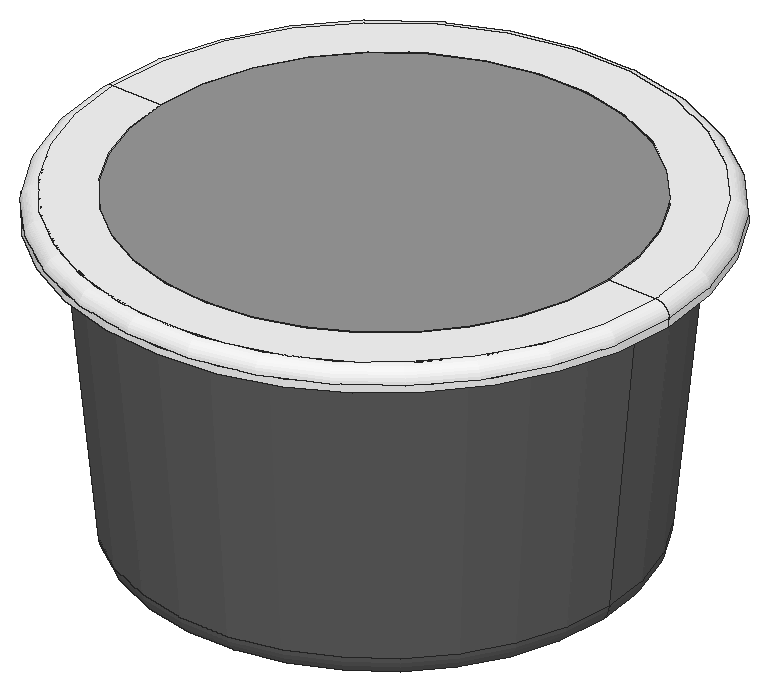
Revit family "3098122 Lighting Fixture_Sylvania_Insaver LED II 150 High_Ceiling Recessed", category Lighting Fixtures, host Face, Revit 2017
Family settings
  Host = Face
  Round Connector Dimension = Use Diameter
  Part Type = Normal
  OmniClass Number = 23.80.70.11.17
  OmniClass Title = Specialized Lighting by Location or Use
  Cut with Voids When Loaded = No
  Light Source = Yes
  Shared = No
  Room Calculation Point = No
Parameters (values of type "Insaver LED II 150 High Output WW EB E3")
  Ta Rating = "0°C to 55°C"  # constant formula
  Reflector Radius = Body Radius - 2.0 mm  # 73.0 mm
  Reflector Material = Metal_Sylvania_Insaver LED II_Polished
  Radius = Diameter / 2  # 84.5 mm
  LOR = "100%"  # constant formula
  IP Rating = "IP23 (44 with accessory)"  # constant formula
  Height = 87.0 mm
  Glare Control = "UGR <19 (using accessory)"  # constant formula
  Energy Class = "A++,A+,A"  # constant formula
  Weight = 0 kg
  Wattage = 1.18557 W
  built-in parameter 1150110 = 1 (stored number, unit not read)
  Voltage Comments = "UNV (Universal Voltage; 220-240 Volt)"  # constant formula
  Voltage = 230 V  # constant formula
  URL = "http://www.sylvania-lighting.com"
  built-in parameter 1114217 = 1 (stored number, unit not read)
  Tilt Angle = -90°
  built-in parameter 1150109 = 1 (stored number, unit not read)
  built-in parameter 1150134 = (empty or 0)
  built-in parameter 1150113 = 1 (stored number, unit not read)
  Product Page URL = "http://www.sylvania-lighting.com/product/en-int/products/3098122"
  Product Family = "INSAVER LED II 150"  # constant formula
  Photometry Comments = ""
  Photometric Web File = "3098122_InsaverLEDII150HighOutputWWEBE3-200648.ies"
  Life = "50 000 h"  # constant formula
  Emit from Circle Diameter = Diffuser Diameter  # 133.0 mm
  Emit Shape Visible in Rendering = no
  Drive Current = "900mA"  # constant formula
  Distribution type = "Direct - symmetrical"  # constant formula
  Diffuser Material = Glass_Sylvania_Insaver LED II_3000K
  Diffuser Diameter = Diameter - 36.0 mm  # 133.0 mm
  Diameter = 169.0 mm
  Cutout Diameter = Diameter - 19.0 mm  # 150.0 mm
  Colour consistency (SDCM) = "3 step"  # constant formula
  built-in parameter 1114216 [instance] = 1 (stored number, unit not read)
  Model = "Insaver LED II 150 High Output WW EB E3"
  Manufacturer = "Feilo Sylvania"
  built-in parameter 1150105 = 9.1514 (stored number, unit not read)
  Lumens = 115 lm
  built-in parameter 1150115 = 1 (stored number, unit not read)
  built-in parameter 1150137 = (empty or 0)
  built-in parameter 1150139 = (empty or 0)
  built-in parameter 1150112 = 1 (stored number, unit not read)
  built-in parameter 1150114 = 1 (stored number, unit not read)
  Lamp Comments = "Integrated LED"  # constant formula
  Lamp = ""
  built-in parameter 1150132 = 2
  built-in parameter 1150102 = (empty or 0)
  built-in parameter 1150107 = 3000 (stored number, unit not read)
  built-in parameter 1150138 = (empty or 0)
  built-in parameter 1150106 = 0.091514 (stored number, unit not read)
  CRI ( Ra ) = 80  # constant formula
  Body Material = Plastic_Sylvania_Insaver LED II_Black
  built-in parameter 1150104 = 9.0116 (stored number, unit not read)
  Dimming Lamp Color Temperature Shift = <None>
  Description = "Circular LED downlight with up to 114lm/W efficacy and 2,400 luminaire lumen output. Innovative easy installation system allows for a rapid, single point installation. For 150mm cut outs. IP44 or UGR<19 compliant with additional accessories. 3 hour emergency and surface mounted versions available. Plus3 version includes Wieland GST connector."  # constant formula
  Default Elevation = 0.0 mm
  Color Filter = 16777215
  Catalog Number = "3098122 Insaver LED II 150 High Output WW EB E3"
  built-in parameter 1140040 [instance] = 1
  Body Radius = Cutout Diameter / 2  # 75.0 mm
  Beam Angle = 76°  # constant formula
  built-in parameter 1114218 = 1 (stored number, unit not read)
  built-in parameter 1150133 = 10 (stored number, unit not read)
  Assembly Code = "D5020200"
  Apparent Load Comments = ""
  Apparent Load = 22 VA
  Accessory Material = Plastic_Sylvania_Insaver LED II_White
Reference planes
  plane 1 "Center (Front/Back)": y = 0
  plane 2: z = 0
  plane 3 "Center (Left/Right)": x = 0
  plane 4 "Fixture Top": z = -87
  plane 5 "Fixture Bottom": z = 6
  plane 6 "Reflector Top": z = -60
Forms (mm)
  Extrusion 1, void
    sketch origin (0, 0, 0) x (1, 0, 0) y (0, 1, 0)
      loop
        circle (0, 0) r 75
    from -87 to 0
  Revolve 2, solid, material "Plastic_Sylvania_Insaver LED II_White" <- "Accessory Material", detail levels fine
    sketch origin (0, 0, 0) x (1, 0, 0) y (0, 0, 1)
      loop
        line (-84.5, 0) -> (-66.5, 0) -> (-66.5, 6) -> (-80.5, 6)
        arc (-80.5, 6) -> (-83.328, 4.828) -> (-84.5, 2) r 4
        line (-84.5, 2) -> (-84.5, 0)
      axis (0, 6) -> (0, 0)
    angle from 0 to 360
  Revolve 3, solid, material "Plastic_Sylvania_Insaver LED II_Black" <- "Body Material", detail levels fine
    sketch origin (0, 0, 0) x (1, 0, 0) y (0, 0, 1)
      loop
        line (0, -87) -> (0, -85) -> (-59.475, -85)
        arc (-59.475, -85) -> (-62.901, -83.847) -> (-64.933, -80.857) r 5.666
        arc (-64.933, -80.857) -> (-70.978, -41.634) -> (-73, -2) r 389.454
        line (-73, -2) -> (-73, 0) -> (-75, 0) -> (-75, -2)
        arc (-75, -2) -> (-73.011, -41.414) -> (-67.063, -80.428) r 391.454
        arc (-67.063, -80.428) -> (-64.495, -85.129) -> (-59.475, -87) r 7.666
        line (-59.475, -87) -> (0, -87)
      axis (0, 0) -> (0, -87)
    angle from 0 to 360
  Extrusion 4, solid, material "Glass_Sylvania_Insaver LED II_3000K" <- "Diffuser Material", detail levels fine
    sketch origin (0, 0, 0) x (1, 0, 0) y (0, 1, 0)
      loop
        circle (0, 0) r 66.5
    from 0 to 6
  Revolve 5, solid, material "Metal_Sylvania_Insaver LED II_Polished" <- "Reflector Material", detail levels fine
    sketch origin (0, 0, 0) x (1, 0, 0) y (0, 0, 1)
      loop
        line (-73, 0) -> (-73, -2)
        arc (-73, -2) -> (-46.618, -43.735) -> (0, -60) r 74.94
        line (0, -60) -> (0, -58)
        arc (0, -58) -> (-45.285, -42.24) -> (-71, -1.769) r 72.94
        line (-71, -1.769) -> (-71, 0) -> (-73, 0)
      axis (0, 0) -> (0, -60)
    angle from 0 to 360
  Revolve 6, solid, material "Plastic_Sylvania_Insaver LED II_White" <- "Accessory Material", detail levels coarse+medium
    sketch origin (0, 0, 0) x (1, 0, 0) y (0, 0, 1)
      loop
        line (0, -87) -> (0, 6) -> (-84.5, 6) -> (-84.5, 0) -> (-75, 0) -> (-75, -2)
        arc (-75, -2) -> (-73.011, -41.414) -> (-67.063, -80.428) r 391.454
        arc (-67.063, -80.428) -> (-64.495, -85.129) -> (-59.475, -87) r 7.666
        line (-59.475, -87) -> (0, -87)
      axis (0, 6) -> (0, -87)
    angle from 0 to 360
Lines and regions (mm)
  Masking region 1
    outline origin (0, 0, 0) x (1, 0, 0) y (0, 1, 0)
      loop
        circle (0, 0) r 84.5
  symbolic lines, detail levels fine
    curve 1: arc (66.5, 0, 0) -> (0, 66.5, 0) -> (-66.5, 0, 0) r 66.5
    curve 2: arc (-66.5, 0, 0) -> (0, -66.5, 0) -> (66.5, 0, 0) r 66.5
Dimensions and locks
  "Height": plane 2 to plane 4 "Fixture Top"
  plane 5 "Fixture Bottom" to plane 2 = 6.0 mm
  "Radius": plane 3 "Center (Left/Right)" to Revolve 2 sketch curve
  locked: Revolve 2 sketch curve to plane 2 at 2
  Revolve 2 sketch curve to Revolve 2 sketch curve = 18.0 mm
  "Body Radius": plane 3 "Center (Left/Right)" to Revolve 3 sketch curve
  locked: Revolve 3 sketch curve to Revolve 3 sketch curve at 2
  locked: Revolve 3 sketch curve to plane 4 "Fixture Top" at 2
  "Reflector Radius": Revolve 5 sketch curve to plane 3 "Center (Left/Right)"
  locked: Revolve 5 sketch curve to Revolve 5 sketch curve at 2
  "Radius": Revolve 6 sketch curve to imposter light
  locked: Revolve 6 sketch curve to Revolve 6 sketch curve at 9.5
  "Cutout Diameter": diameter of Extrusion 1 sketch curve
  "Diffuser Diameter": diameter of Extrusion 4 sketch curve
  aligned and locked: plane 2 to host face
  aligned and locked: level to host face
  aligned and locked: Extrusion 1 to plane 4 "Fixture Top"
  aligned and locked: plane 2 to Extrusion 1
  aligned and locked: Revolve 2 sketch curve to plane 2
  aligned and locked: Revolve 2 sketch curve to plane 5 "Fixture Bottom"
  aligned and locked: Revolve 2 sketch curve to plane 3 "Center (Left/Right)"
  aligned and locked: Revolve 3 sketch curve to plane 3 "Center (Left/Right)"  (x2)
  aligned and locked: Extrusion 4 to plane 2
  aligned and locked: plane 5 "Fixture Bottom" to Extrusion 4
  aligned and locked: plane 4 "Fixture Top" to Revolve 3 sketch curve
  aligned and locked: Revolve 3 sketch curve to plane 2
  aligned and locked: Revolve 5 sketch curve to host face
  aligned and locked: Revolve 5 sketch curve to plane 3 "Center (Left/Right)"
  aligned and locked: plane 6 "Reflector Top" to Revolve 5 sketch curve
  aligned and locked: plane 3 "Center (Left/Right)" to Revolve 5 sketch curve
  aligned and locked: imposter light to plane 3 "Center (Left/Right)"
  aligned and locked: imposter light to plane 1 "Center (Front/Back)"
  aligned and locked: imposter light to plane 5 "Fixture Bottom"
  aligned and locked: Revolve 6 sketch curve to plane 3 "Center (Left/Right)"  (x2)
  aligned and locked: plane 4 "Fixture Top" to Revolve 6 sketch curve
  aligned and locked: Revolve 6 sketch curve to imposter light
  aligned and locked: Masking region 1 sketch curve to Revolve 6  (x2)
  aligned and locked: curve 1 to Extrusion 4
  aligned and locked: curve 2 to Extrusion 4
Automatic sketch dimensions
  host sketch curve to host sketch curve = 1040.406 mm
  host sketch curve to host sketch curve = 988.385 mm
  plane 1 "Center (Front/Back)" to Extrusion 1 sketch curve = 0.0 mm
  Extrusion 1 sketch curve to plane 3 "Center (Left/Right)" = 0.0 mm
  Revolve 2 sketch curve to level = 23.903 mm
  plane 5 "Fixture Bottom" to Revolve 2 sketch curve = 38.423 mm
  Revolve 3 sketch curve to Revolve 3 sketch curve = 0.0 mm  (x4)
  Revolve 3 sketch curve to plane 3 "Center (Left/Right)" = 59.475 mm
  Revolve 3 sketch curve to level = 2.0 mm
  plane 3 "Center (Left/Right)" to Revolve 3 sketch curve = 316.454 mm
  Revolve 3 sketch curve to Revolve 3 sketch curve = 5.666 mm
  Revolve 3 sketch curve to level = 21.34 mm
  plane 5 "Fixture Bottom" to Revolve 3 sketch curve = 47.66 mm
  plane 1 "Center (Front/Back)" to Extrusion 4 sketch curve = 0.0 mm
  Extrusion 4 sketch curve to plane 3 "Center (Left/Right)" = 0.0 mm
  Revolve 5 sketch curve to Revolve 5 sketch curve = 0.0 mm
  Revolve 5 sketch curve to Revolve 5 sketch curve = 2.0 mm
  Revolve 5 sketch curve to level = 2.0 mm
  Revolve 5 sketch curve to plane 4 "Fixture Top" = 30.934 mm
  Revolve 5 sketch curve to Revolve 5 sketch curve = 27.127 mm
  Revolve 6 sketch curve to level = 0.0 mm
  plane 4 "Fixture Top" to Revolve 6 sketch curve = 7.666 mm
  Revolve 6 sketch curve to plane 3 "Center (Left/Right)" = 59.475 mm
  Revolve 6 sketch curve to level = 2.0 mm
  plane 3 "Center (Left/Right)" to Revolve 6 sketch curve = 316.454 mm
  Revolve 6 sketch curve to level = 21.34 mm
  Revolve 6 sketch curve to Revolve 6 sketch curve = 47.66 mm
Connectors
  electrical at (0, 0, -87), driven by "Voltage", driven by "Apparent Load"
    settings: index 1, voltage 230 V, apparent load 0 VA, apparent load phase1 22 VA, apparent load phase2 0 VA, apparent load phase3 0 VA, power factor 1, load classification "Lighting", number of poles 1, system type 31, power factor state 1, is connector primary yes, connector utility no, sub classification motor no, connector description ""
